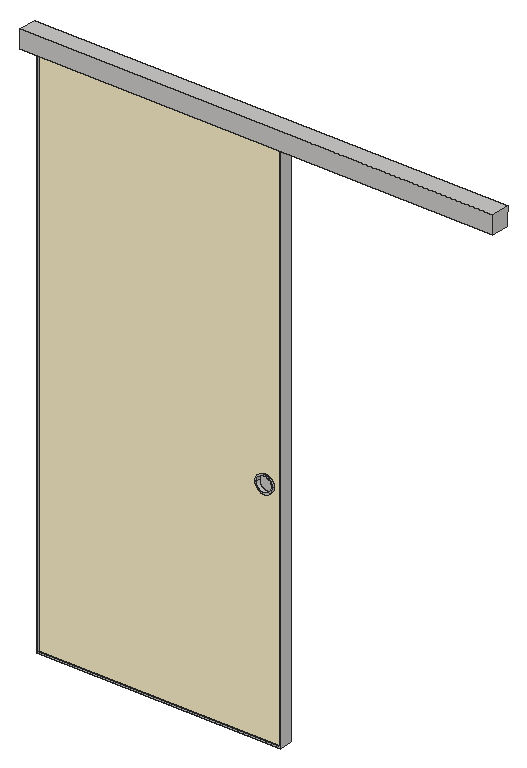
Revit family "Sliding Bathroom Door - Parametric v2015", category Doors, host Wall, Revit 2015
Parameters (values of type "900x2100mm")
  Structure Material = Stainless Steel
  Rail Thickness [instance] = Door Thickness + 20 mm  # 70 mm
  Rail Length [instance] = 2 * Width  # 1800 mm
  Function = Interior
  Height = 2100 mm
  Wall Closure = By host
  Width = 900 mm
  Door Width [instance] = Width + 50 mm  # 950 mm
  Door Thickness = 50 mm
  Door Panel Thickness [instance] = Door Thickness - 5 mm  # 45 mm
  Door Material = Mirror
  Closure [instance] = 100 mm
Reference planes
  plane 1: y = 0
  plane 2 "Center (Left/Right)": x = 0
  plane 3 "Left": x = -450
  plane 4 "Right": x = 450
  plane 5: z = 2100
  plane 6 "Exterior": y = 75
  plane 7 "Interior": y = -75
  plane 8: y = -125
Forms (mm)
  Extrusion 1, solid, material "Mirror" <- "Door Material"
    sketch origin (-5000, -75, 0) x (1, 0, 0) y (0, 0, 1)
      loop
        line (4645, 2150) -> (3705, 2150) -> (3705, 5) -> (4645, 5) -> (4645, 2150)
    from 5 to 45 <- "Door Panel Thickness"
  Extrusion 2, solid, material "Stainless Steel" <- "Structure Material"
    sketch origin (-355, -75, 2150) x (-1, 0, 0) y (0, -1, 0)
      loop
        line (985, 0) -> (995, 0) -> (995, 70) -> (-850, 70) -> (-850, 5) -> (-840, 5) -> (-840, 60) -> (985, 60) -> (985, 0)
    from -50 to 0
  Extrusion 3, solid, material "Stainless Steel" <- "Structure Material"
    sketch origin (-355, -75, 2150) x (-1, 0, 0) y (0, -1, 0)
      loop
        line (995, 0) -> (995, 70) -> (-850, 70) -> (-850, 0) -> (995, 0)
    from 0 to 20
  Extrusion 4, void
    sketch origin (-5000, -125, 0) x (-1, 0, 0) y (0, 0, 1)
      loop
        circle (-4585, 900) r 30
    from 0 to 15
  Extrusion 5, void
    sketch origin (-5000, -75, -5) x (1, 0, 0) y (0, 0, 1)
      loop
        circle (4585, 905) r 30
    from 0 to 15
  Extrusion 6, solid, material "Stainless Steel" <- "Structure Material"
    sketch origin (-5000, -75, 0) x (1, 0, 0) y (0, 0, 1)
      loop
        line (4650, 0) -> (4650, 2150) -> (3700, 2150) -> (3700, 0) -> (4650, 0)
      loop
        line (4645, 2145) -> (3705, 2145) -> (3705, 5) -> (4645, 5) -> (4645, 2145)
    from 0 to 50 <- "Door Thickness"
  Extrusion 7, solid, material "Stainless Steel"
    sketch origin (-5000, -75, -5) x (1, 0, 0) y (0, 0, 1)
      loop
        circle (4585, 905) r 35
    from 0 to 50
  Extrusion 8, void
    sketch origin (-4924.511, -120, -40.282) x (-1, 0, 0) y (0, 0, 1)
      loop
        circle (-4508.558, 940.295) r 35
    from 0 to 250
Cuts and joins
  joined: Extrusion 2, Extrusion 3
  Extrusion 4, Extrusion 5, Extrusion 8 cuts Extrusion 1
  Extrusion 4, Extrusion 5 cuts Extrusion 7
Lines and regions (mm)
  Opening 1
    outline origin (-3050, -75, 0) x (1, 0, 0) y (0, 0, 1)
      loop
        line (2600, 0) -> (3500, 0) -> (3500, 2100) -> (2600, 2100) -> (2600, 0)
  symbolic lines, style "Door Slide"
    curve 1: line (-350, -75, 0) -> (475, -75, 0)
    curve 2: line (475, -125, 0) -> (-350, -125, 0)
    curve 3: line (475, -75, 0) -> (475, -125, 0)
Text (mm)
  text "Exterior" at (-2295.016, 1099.543, 0), in view "Ref. Level"
  text "Exterior" at (0, 1615.38, 3698.081), in view "Left"
  text "Exterior" at (0, 1036.032, 3874.932), in view "Right"
Dimensions and locks
  equal spacing: plane 3 "Left", plane 2 "Center (Left/Right)", plane 4 "Right"
  "Width": plane 3 "Left" to plane 4 "Right"
  "Height": plane 5 to host wall
  host wall to plane 5 = 2100 mm  (x2)
  locked: plane 6 "Exterior" to host wall at 0
  locked: plane 7 "Interior" to host wall
  "Door Thickness": plane 8 to plane 7 "Interior"
  locked: Extrusion 2 sketch curve to Extrusion 2 sketch curve at 10  (x3)
  locked: plane 4 "Right" to Extrusion 2 sketch curve at 45
  "Rail Thickness": Extrusion 2 sketch curve to plane 7 "Interior"
  "Rail Length": Extrusion 2 sketch curve to plane 4 "Right"
  Extrusion 1 to Extrusion 4 sketch curve = 30 mm
  locked: Extrusion 4 sketch curve to level at 900
  locked: plane 4 "Right" to curve 3 at 25
  locked: Extrusion 6 sketch curve to plane 5 at 50
  locked: Extrusion 6 sketch curve to Extrusion 6 sketch curve at 5  (x2)
  locked: cut or joined group of Extrusion 1, Extrusion 4, Extrusion 5, Extrusion 8 to level at 5
  "Door Width": Extrusion 6 sketch curve to Extrusion 6 sketch curve
  "Closure": plane 3 "Left" to Extrusion 6
  locked: Extrusion 6 to Extrusion 7 sketch curve at 65
  aligned and locked: plane 3 "Left" to Opening 1 sketch curve
  aligned and locked: plane 5 to Opening 1 sketch curve  (x2)
  aligned and locked: Opening 1 sketch curve to plane 4 "Right"
  aligned and locked: Opening 1 sketch curve to level
  aligned and locked: plane 1 to host wall
  aligned and locked: host wall to Extrusion 2 sketch curve
  aligned and locked: host wall to Extrusion 2
  aligned and locked: Extrusion 2 to Extrusion 1
  aligned and locked: Extrusion 3 sketch curve to Extrusion 2  (x4)
  aligned and locked: Extrusion 1 sketch curve to Extrusion 6  (x3)
  aligned and locked: plane 8 to curve 2
  aligned and locked: host wall to curve 1
  aligned and locked: Extrusion 7 to Extrusion 4
Automatic sketch dimensions
  Extrusion 1 sketch curve to plane 5 = 50 mm
  Extrusion 1 to Extrusion 2 sketch curve = 0 mm
  Extrusion 4 sketch curve to Extrusion 6 = 60 mm
  Extrusion 5 sketch curve to Extrusion 6 = 60 mm
  Extrusion 5 sketch curve to Extrusion 6 = 895 mm
  curve 1 to plane 3 "Left" = 100 mm
  curve 2 to curve 1 = 0 mm
  Extrusion 6 sketch curve to level = 0 mm
  plane 3 "Left" to Extrusion 6 sketch curve = 850 mm
  Extrusion 6 sketch curve to Extrusion 6 sketch curve = 5 mm
  level to Extrusion 6 sketch curve = 5 mm
  level to Extrusion 7 sketch curve = 900 mm
  Extrusion 1 to Extrusion 8 sketch curve = 60.953 mm
  Extrusion 1 to Extrusion 8 sketch curve = 895.013 mm
  radius of Extrusion 5 sketch curve = 30 mm
  radius of Extrusion 7 sketch curve = 35 mm
  radius of Extrusion 8 sketch curve = 35 mm
